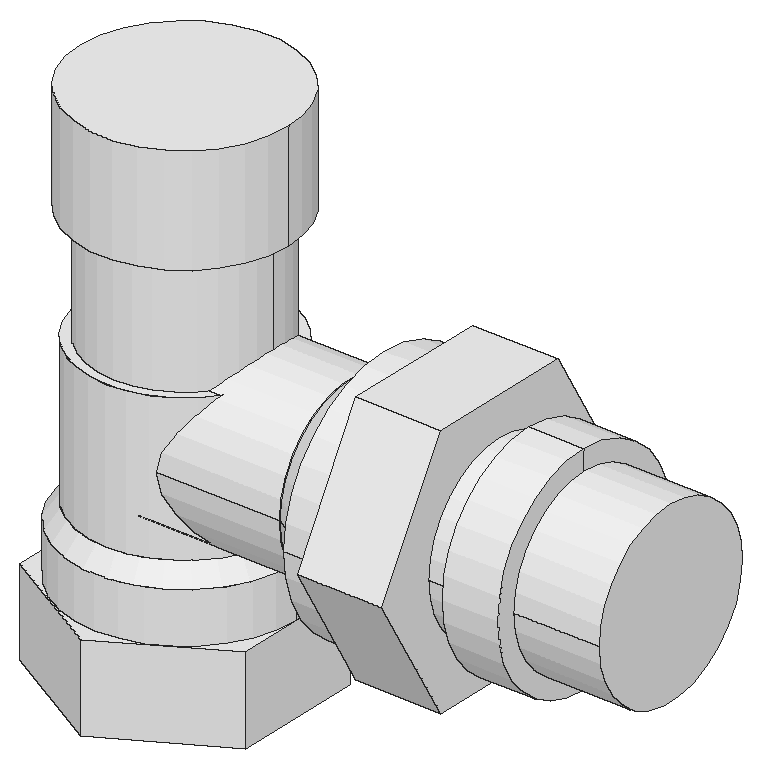
Revit family "RLV-CX_Angle_DN15_RFA", category Pipe Accessories, Revit 2019
Family settings
  Round Connector Dimension = Use Diameter
  Part Type = Valve - Breaks Into
  OmniClass Number = 23.65.55.14.17
  OmniClass Title = Adjusting/Controlling Valves for Liquid Services
  Work Plane-Based = No
  Always vertical = Yes
  Cut with Voids When Loaded = No
  Shared = No
Parameters (values of type "RLV-CX_Angle_DN15_003L0273")
  Weight = 0.22 kg
  WN2 = 17.32 mm
  WN1 = 15.42 mm
  W [instance] = 34.64 mm
  Valve Body Material = Danfoss Brass (Chrome plated)
  URL = "https://store.danfoss.com/en/Climate-Solutions-for-heating/Radiator-Thermostats/Lockshield-Valves/Lockshield-valves/c/6169?q=%3Arelevance%3Adanfoss_producttypehierarchydesc%3ARLV-CX&text="
  R_200 = 15.50 mm
  RV_200 = 17.30 mm
  RV5 = 10.50 mm
  RV4 = 14.80 mm
  RV3 = 13.10 mm
  RV2 = 10.50 mm
  R3 = 11.64 mm
  R2 = 10.50 mm
  R1 = 13.25 mm
  Pressure Drop [instance] = 0.0 Pa
  Model Type = "RLV-CX_Angle_DN15"
  Model = "003L0273"
  Max Operating Pressure = "10 bar"  # constant formula
  Max Medium Temperature = "120 °C"  # constant formula
  Manufacturer = "Danfoss"  # constant formula
  LOD 350 = not(LOD 200)  # yes
  LOD 200 = no
  L3 = 10.00 mm
  L2 = 4.00 mm
  L1 = 19.60 mm
  LL = 57.50 mm
  L [instance] = 70.854 mm
  Kvs = 2.5 m³/h
  IfcExportType = "RLV-CX"  # constant formula
  IfcExportAs = "IfcValveType"  # constant formula
  H7 = 12.70 mm
  H6 = 8.20 mm
  H5 = 6.00 mm
  H4 = 7.00 mm
  H3_2 = 26.00 mm
  H1 = 27.50 mm
  H3 = 10.20 mm
  H2 = 22.00 mm
  H [instance] = 62.20 mm
  Flow [instance] = 0.0 m³/h
  Description = "Lockshield Valve"  # constant formula
  DT = 24.60 mm
  W_Nut2 = WN2 * cos(30.00°)  # 15.00 mm
  W_Nut1 = WN1 * cos(30.00°)  # 13.354 mm
  D1 = 10.00 mm
  D = 15.00 mm
Reference planes
  plane 1 "Center (Front/Back)": y = 0
  plane 2 "XYPLANE": z = 0
  plane 3 "Center (Left/Right)": x = 0
  plane 4 "40": x = 57.5
  plane 5 "39": z = 0
  plane 6 "38": y = 0
  plane 7 "37": x = 0
  plane 8 "36": z = -27.5
  plane 9 "34": z = 22
  plane 10: z = -17.3
  plane 11: x = 19.6
  plane 12: x = 23.6
  plane 13: x = 27.2
  plane 14: x = 37.2
  plane 15: z = 34.7
  plane 16: z = -10.3
  plane 17 "PF": z = -15.5
  plane 18: y = -17.32
  plane 19: y = 17.32
  plane 20: z = 8.111
Forms (mm)
  Extrusion 1, solid, material "Danfoss Brass (Chrome plated)" <- "Valve Body Material", visible <- "LOD 350", detail levels fine
    sketch origin (57.5, -750, 0) x (0, 1, 0) y (0, 0, 1)
      loop
        line (732.68, 0) -> (741.34, -15) -> (758.66, -15) -> (767.32, 0) -> (758.66, 15) -> (741.34, 15) -> (732.68, 0)
    from -20.3 to -30.3
  Extrusion 2, solid, material "Danfoss Brass (Chrome plated)" <- "Valve Body Material", visible <- "LOD 350", detail levels fine
    sketch origin (42, -750, 0) x (0, 1, 0) y (0, 0, 1)
      loop
        circle (750, 0) r 10.5
    from -22.4 to -42
  Extrusion 3, solid, material "Danfoss Brass (Chrome plated)" <- "Valve Body Material", visible <- "LOD 350", detail levels fine
    sketch origin (-750, 0, 0) x (1, 0, 0) y (0, 1, 0)
      loop
        circle (750, 0) r 10.5
    from 22 to 8.111
  Extrusion 4, solid, material "Danfoss Brass (Chrome plated)" <- "Valve Body Material", visible <- "LOD 350", detail levels fine
    sketch origin (-750, 0, -27.5) x (1, 0, 0) y (0, 1, 0)
      loop
        line (750, -15.42) -> (763.354, -7.71) -> (763.354, 7.71) -> (750, 15.42) -> (736.646, 7.71) -> (736.646, -7.71) -> (750, -15.42)
    from 0 to 10.2 <- "H3"
  Extrusion 5, solid, material "Danfoss Brass (Chrome plated)" <- "Valve Body Material", detail levels fine
    sketch origin (-750, 0, 22) x (1, 0, 0) y (0, 1, 0)
      loop
        circle (750, 0) r 12.3
    from 0 to 12.7
  Extrusion 6, solid, material "Danfoss Brass (Chrome plated)" <- "Valve Body Material", not visible, detail levels fine
    sketch origin (57.5, -750, 0) x (0, 1, 0) y (0, 0, 1)
      loop
        circle (750, 0) r 10
    from 0 to -10
  Extrusion 7, solid, material "Danfoss Brass (Chrome plated)" <- "Valve Body Material", not visible, detail levels fine
    sketch origin (-750, 0, -27.5) x (1, 0, 0) y (0, 1, 0)
      loop
        circle (750, 0) r 10
    from 0 to 10
  Blend 8, solid, material "Danfoss Brass (Chrome plated)" <- "Valve Body Material", visible <- "LOD 350", detail levels fine
    base sketch origin (42, -750, 0) x (0, 1, 0) y (0, 0, 1)
      loop
        circle (750, 0) r 10.5
    top sketch origin (42, -750, 0) x (0, 1, 0) y (0, 0, 1)
      loop
        circle (750, 0) r 13.1
    from -22.4 to -18.4
  Extrusion 9, solid, material "Danfoss Brass (Chrome plated)" <- "Valve Body Material", visible <- "LOD 350", detail levels fine
    sketch origin (42, -750, 0) x (0, 1, 0) y (0, 0, 1)
      loop
        circle (750, 0) r 14.8
    from -18.4 to -14.8
  Extrusion 10, solid, material "Danfoss Brass (Chrome plated)" <- "Valve Body Material", detail levels fine
    sketch origin (42, -750, 0) x (0, 1, 0) y (0, 0, 1)
      loop
        circle (750, 0) r 10.5
    from -4.8 to 15.5
  Revolve 11, solid, material "Danfoss Brass (Chrome plated)" <- "Valve Body Material", visible <- "LOD 350", detail levels fine
    sketch origin (0, 0, 0) x (1, 0, 0) y (0, 0, 1)
      loop
        line (-13.25, -17.3) -> (0, -17.3) -> (0, -9.1) -> (-11.64, -9.1) -> (-13.25, -11.3) -> (-13.25, -17.3)
      axis (0, -9.1) -> (0, -17.3)
    angle from 0 to 360
  Revolve 12, solid, material "Danfoss Brass (Chrome plated)" <- "Valve Body Material", visible <- "LOD 350", detail levels fine
    sketch origin (0, 0, 0) x (1, 0, 0) y (0, 0, 1)
      loop
        line (40.713, 0) -> (47.256, 0) -> (47.256, 12.8) -> (40.713, 12.8) -> (40.713, 0)
      axis (40.713, 0) -> (47.256, 0)
    angle from 0 to 360
  Extrusion 13, solid, material "Danfoss Brass (Chrome plated)" <- "Valve Body Material", visible <- "LOD 200", detail levels fine
    sketch origin (42, -750, 0) x (0, 1, 0) y (0, 0, 1)
      loop
        circle (750, 0) r 10.5
    from -42 to -14.8
  Extrusion 14, solid, material "Danfoss Brass (Chrome plated)" <- "Valve Body Material", visible <- "LOD 200", detail levels fine
    sketch origin (42, -750, 0) x (0, 1, 0) y (0, 0, 1)
      loop
        circle (750, 0) r 17.3
    from -14.8 to -4.8
  Extrusion 15, solid, material "Danfoss Brass (Chrome plated)" <- "Valve Body Material", visible <- "LOD 200", detail levels fine
    sketch origin (-750, 0, 28.9) x (1, 0, 0) y (0, 1, 0)
      loop
        circle (750, 0) r 15.5
    from -56.4 to -46.2
  Extrusion 16, solid, material "Danfoss Brass (Chrome plated)" <- "Valve Body Material", visible <- "LOD 200", detail levels fine
    sketch origin (-750, 0, 28.9) x (1, 0, 0) y (0, 1, 0)
      loop
        circle (750, 0) r 13.1
    from -46.2 to -6.9
  Extrusion 17, solid, material "Danfoss Brass (Chrome plated)" <- "Valve Body Material", visible <- "LOD 350", detail levels fine
    sketch origin (-750, 0, 28.9) x (1, 0, 0) y (0, 1, 0)
      loop
        circle (750, 0) r 11.64
    from -38 to -20.789
Lines and regions (mm)
  reference lines, not visible
    curve 1: circle (2, 2, 0) r 1 normal (0, 0, 1)
  reference lines
    curve 2: line (57.5, 0, 0) -> (57.5, 3.375, -5.846)
    curve 3: line (57.5, 0, 0) -> (57.5, 6.75, 0)
    curve 4: line (57.5, 0, 0) -> (57.5, 3.375, 5.846)
    curve 5: line (0, 0, -27.5) -> (4.763, 2.75, -27.5)
    curve 6: line (0, 0, -27.5) -> (0, 5.5, -27.5)
    curve 7: line (0, 0, -27.5) -> (-4.763, 2.75, -27.5)
Dimensions and locks
  plane 1 "Center (Front/Back)" to curve 1 = 2.00 mm
  "LL": plane 3 "Center (Left/Right)" to plane 4 "40"
  locked: plane 2 "XYPLANE" to plane 5 "39"
  locked: plane 1 "Center (Front/Back)" to plane 6 "38"
  locked: plane 3 "Center (Left/Right)" to plane 7 "37"
  "H1": plane 2 "XYPLANE" to plane 8 "36"
  "H2": plane 2 "XYPLANE" to plane 9 "34"
  "W_Nut2": curve 2 to Extrusion 1 sketch curve  (x2)
  "W_Nut2": curve 3 to Extrusion 1 sketch curve  (x2)
  "W_Nut2": curve 4 to Extrusion 1 sketch curve  (x2)
  "W_Nut1": curve 5 to Extrusion 4 sketch curve  (x2)
  "W_Nut1": curve 6 to Extrusion 4 sketch curve  (x2)
  "W_Nut1": curve 7 to Extrusion 4 sketch curve  (x2)
  "H3": plane 10 to plane 8 "36"
  "L2": plane 12 to plane 11
  locked: plane 13 to plane 12 at 3.6
  "L3": plane 14 to plane 13
  "L1": plane 11 to plane 3 "Center (Left/Right)"
  "H": Extrusion 5 to plane 8 "36"
  "H4": plane 16 to plane 10
  "R3": Revolve 11 sketch curve to Revolve 11 sketch curve
  level to Revolve 11 sketch curve = 9.10 mm
  "R1": plane 3 "Center (Left/Right)" to Revolve 11 sketch curve
  "H7": plane 15 to plane 9 "34"
  plane 4 "40" to plane 3 "Center (Left/Right)" = 57.50 mm
  Revolve 12 sketch curve to Revolve 12 sketch curve = 6.543 mm
  Revolve 12 sketch curve to plane 14 = 3.513 mm
  "H6": Revolve 11 sketch curve to plane 10
  "H5": Revolve 11 sketch curve to plane 10
  "L": Extrusion 4 to plane 4 "40"
  "W": plane 18 to plane 19
  equal spacing: plane 18, plane 6 "38", plane 19
  locked: plane 20 to level at 8.111
  "RV2": radius of Extrusion 2 sketch curve
  "DT": diameter of Extrusion 5 sketch curve
  "RV2": radius of Blend 8 sketch curve
  "RV3": radius of Blend 8 sketch curve
  "RV4": radius of Extrusion 9 sketch curve
  "R2": radius of Extrusion 3 sketch curve
  "RV5": radius of Extrusion 10 sketch curve
  "RV2": radius of Extrusion 13 sketch curve
  "RV_200": radius of Extrusion 14 sketch curve
  "R_200": radius of Extrusion 15 sketch curve
  "RV3": radius of Extrusion 16 sketch curve
  "R3": radius of Extrusion 17 sketch curve
  locked: curve 3 to curve 2 (angle 60.00°)
  locked: curve 4 to curve 3 (angle 60.00°)
  locked: curve 4 to curve 2 (angle 120.00°)
  locked: curve 6 to curve 5 (angle 60.00°)
  locked: curve 7 to curve 6 (angle 60.00°)
  locked: curve 7 to curve 5 (angle 120.00°)
  aligned and locked: level to plane 2 "XYPLANE"
  aligned and locked: plane 5 "39" to curve 4
  aligned and locked: curve 4 to plane 6 "38"
  aligned and locked: plane 5 "39" to Extrusion 2 sketch curve
  aligned and locked: Extrusion 2 sketch curve to plane 6 "38"
  aligned and locked: plane 6 "38" to curve 7
  aligned and locked: plane 7 "37" to curve 7
  aligned and locked: plane 6 "38" to Extrusion 5 sketch curve
  aligned and locked: plane 7 "37" to Extrusion 5 sketch curve
  aligned and locked: plane 5 "39" to Extrusion 6 sketch curve
  aligned and locked: Extrusion 6 sketch curve to plane 6 "38"
  aligned and locked: plane 6 "38" to Extrusion 7 sketch curve
  aligned and locked: plane 7 "37" to Extrusion 7 sketch curve
  aligned and locked: plane 9 "34" to Extrusion 3
  aligned and locked: Extrusion 2 to plane 3 "Center (Left/Right)"
  aligned and locked: plane 11 to Extrusion 2
  aligned and locked: Extrusion 1 to plane 13
  aligned and locked: plane 14 to Extrusion 1
  aligned and locked: plane 1 "Center (Front/Back)" to Blend 8 sketch curve  (x2)
  aligned and locked: level to Blend 8 sketch curve  (x2)
  aligned and locked: Blend 8 to plane 11
  aligned and locked: plane 12 to Blend 8
  aligned and locked: plane 1 "Center (Front/Back)" to Extrusion 9 sketch curve
  aligned and locked: level to Extrusion 9 sketch curve
  aligned and locked: Extrusion 9 to plane 12
  aligned and locked: plane 13 to Extrusion 9
  aligned and locked: plane 1 "Center (Front/Back)" to Extrusion 3 sketch curve
  aligned and locked: plane 3 "Center (Left/Right)" to Extrusion 3 sketch curve
  aligned and locked: plane 1 "Center (Front/Back)" to Extrusion 10 sketch curve
  aligned and locked: level to Extrusion 10 sketch curve
  aligned and locked: Extrusion 10 to plane 14
  aligned and locked: Extrusion 10 to plane 4 "40"
  aligned and locked: plane 15 to Extrusion 5
  aligned and locked: Revolve 11 sketch curve to plane 3 "Center (Left/Right)"  (x2)
  aligned and locked: Revolve 12 sketch curve to level  (x2)
  aligned and locked: Revolve 11 sketch curve to plane 10
  aligned and locked: plane 1 "Center (Front/Back)" to Extrusion 13 sketch curve
  aligned and locked: level to Extrusion 13 sketch curve
  aligned and locked: Extrusion 13 to plane 3 "Center (Left/Right)"
  aligned and locked: plane 13 to Extrusion 13
  aligned and locked: plane 1 "Center (Front/Back)" to Extrusion 14 sketch curve
  aligned and locked: level to Extrusion 14 sketch curve
  aligned and locked: Extrusion 14 to plane 13
  aligned and locked: plane 14 to Extrusion 14
  aligned and locked: plane 7 "37" to Extrusion 15 sketch curve
  aligned and locked: plane 6 "38" to Extrusion 15 sketch curve
  aligned and locked: Extrusion 15 to plane 8 "36"
  aligned and locked: plane 10 to Extrusion 15
  aligned and locked: plane 6 "38" to Extrusion 16 sketch curve
  aligned and locked: plane 7 "37" to Extrusion 16 sketch curve
  aligned and locked: Extrusion 16 to plane 10
  aligned and locked: plane 9 "34" to Extrusion 16
  aligned and locked: plane 3 "Center (Left/Right)" to nested 1
  aligned and locked: nested 1 to plane 6 "38"
  aligned and locked: Extrusion 17 to Revolve 11
  aligned and locked: plane 20 to Extrusion 17
  aligned and locked: Extrusion 3 to plane 20
Automatic sketch dimensions
  plane 1 "Center (Front/Back)" to Extrusion 6 sketch curve = 10.00 mm
  plane 1 "Center (Front/Back)" to Extrusion 7 sketch curve = 10.00 mm
  plane 3 "Center (Left/Right)" to curve 1 = 2.00 mm
  Revolve 12 sketch curve to plane 9 "34" = 9.20 mm
  Revolve 12 sketch curve to plane 3 "Center (Left/Right)" = 1351.99 mm
  plane 4 "40" to Revolve 12 sketch curve = 1841.483 mm
  Revolve 11 sketch curve to plane 8 "36" = 305.545 mm
  plane 15 to Revolve 11 sketch curve = 2183.015 mm
  plane 1 "Center (Front/Back)" to Extrusion 17 sketch curve = 0.00 mm
  Extrusion 17 sketch curve to plane 3 "Center (Left/Right)" = 0.00 mm
  radius of curve 1 = 1.00 mm
Nested families
  nested 1: "Schematic_Lockshield Valve_Angle" at (0, 0, 0), type "Schematic_Lockshield Valve_Angle", detail levels coarse+medium
Connectors
  piping at (19.6, 0, 0), diameter 15, driven by "D", driven by "Flow"
    settings: on Extrusion 2, index 1, connector inside diameter 609.6 mm, connector length 0.00 mm, flow factor 0, pipe flow 0.0 m³/h, pressure drop 0.0 Pa, fitting loss kfactor 0, connector angle 0.00°, fixture units 0, engagement length 0.00 mm, angle of deflection 0.00°, flow configuration 0, flow direction 0, fitting loss method 0, system type 29, joint type 0, gender type 0, connector reference index 2, connector utility 0, adjustable connector no, is connector primary yes, connector description ""
  piping at (0, 0, -17.3), diameter 15, driven by "D", driven by "Flow"
    settings: on Revolve 11, index 2, connector inside diameter 609.6 mm, connector length 0.00 mm, flow factor 0, pipe flow 0.0 m³/h, pressure drop 0.0 Pa, fitting loss kfactor 0, connector angle 0.00°, fixture units 0, engagement length 0.00 mm, angle of deflection 0.00°, flow configuration 0, flow direction 0, fitting loss method 0, system type 29, joint type 0, gender type 0, connector reference index 1, connector utility 0, adjustable connector no, is connector primary no, connector description ""
Definition of nested family "Schematic_Lockshield Valve_Angle"
  Parameters (values of type "Schematic_Lockshield Valve_Angle")
    R1 = 13.50 mm
    L1 = 32.00 mm
    H1 = 32.00 mm
  Reference planes
    plane 1 "Center (Front/Back)": y = 0
    plane 2: z = 0
    plane 3 "Center (Left/Right)": x = 0
    plane 4: x = 32
    plane 5: y = 13.5
    plane 6: y = -13.5
    plane 7: x = 13.5
    plane 8: x = -13.5
    plane 9: z = -32
    plane 10: z = 13.5
    plane 11: z = -13.5
  Lines and regions (mm)
    model lines
      curve 1: line (0, 0, 0) -> (-13.5, 0, -32)
      curve 2: line (-13.5, 0, -32) -> (13.5, 0, -32)
      curve 3: line (13.5, 0, -32) -> (0, 0, 0)
      curve 4: line (0, 0, 0) -> (32, 0, 13.5)
      curve 5: line (32, 0, 13.5) -> (32, 0, -13.5)
      curve 6: line (32, 0, -13.5) -> (0, 0, 0)
    symbolic lines
      curve 7: line (0, 0, 0) -> (32, 13.5, 0)
      curve 8: line (32, 13.5, 0) -> (32, -13.5, 0)
      curve 9: line (32, -13.5, 0) -> (0, 0, 0)
  Dimensions and locks
    "L1": plane 3 "Center (Left/Right)" to plane 4
    equal spacing: plane 8, plane 3 "Center (Left/Right)", plane 7
    equal spacing: plane 6, plane 1 "Center (Front/Back)", plane 5
    equal spacing: plane 10, level, plane 11
    "H1": level to plane 9
    "R1": plane 1 "Center (Front/Back)" to plane 5
    "R1": plane 3 "Center (Left/Right)" to plane 7
    "R1": plane 10 to level
    aligned and locked: level to plane 2
  Automatic sketch dimensions
    curve 7 to plane 3 "Center (Left/Right)" = 0.00 mm
    curve 2 to plane 8 = 0.00 mm
    curve 4 to level = 0.00 mm
    curve 4 to plane 3 "Center (Left/Right)" = 0.00 mm
    curve 2 to plane 7 = 0.00 mm
    curve 5 to plane 4 = 0.00 mm
    curve 1 to plane 9 = 0.00 mm
    plane 1 "Center (Front/Back)" to curve 7 = 0.00 mm
    curve 7 to plane 4 = 0.00 mm
    plane 5 to curve 8 = 0.00 mm
    plane 6 to curve 9 = 0.00 mm
